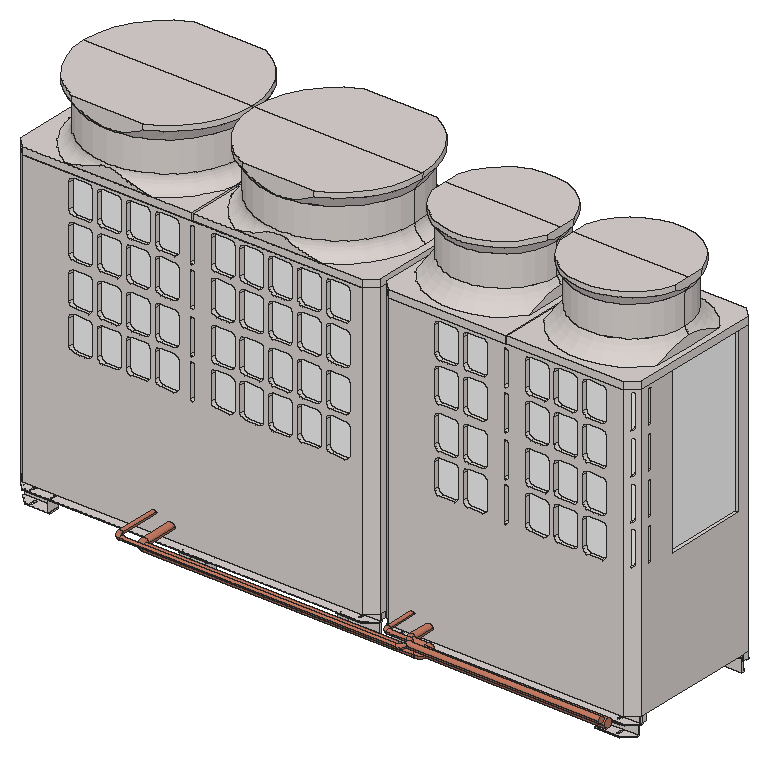
Revit family "PURY-EP950YSNW-A1", category 機械設備, Revit 2016 (continued)
Definition of nested family "PURY-EP500YNW-A1"
  Forms (mm)
    Extrusion 41, void
      sketch origin (195, 370, 113) x (-1, 0, 0) y (0, 0, -1)
        loop
          arc (184.892, -1379.987) -> (194.892, -1389.987) -> (204.892, -1379.987) r 10
          line (204.892, -1379.987) -> (204.892, -1225.013)
        loop
          arc (204.892, -1031.013) -> (194.892, -1021.013) -> (184.892, -1031.013) r 10
          line (184.892, -1031.013) -> (184.892, -1185.987)
          arc (184.892, -1185.987) -> (194.892, -1195.987) -> (204.892, -1185.987) r 10
          line (204.892, -1185.987) -> (204.892, -1031.013)
        loop
          arc (204.892, -825.013) -> (194.892, -815.013) -> (184.892, -825.013) r 10
          line (184.892, -825.013) -> (184.892, -979.987)
          arc (184.892, -979.987) -> (194.892, -989.987) -> (204.892, -979.987) r 10
          line (204.892, -979.987) -> (204.892, -825.013)
        loop
          arc (204.892, -631.013) -> (194.892, -621.013) -> (184.892, -631.013) r 10
          line (184.892, -631.013) -> (184.892, -785.987)
          arc (184.892, -785.987) -> (194.892, -795.987) -> (204.892, -785.987) r 10
          line (204.892, -785.987) -> (204.892, -631.013)
      from 0 to 20
    Extrusion 42, void
      sketch origin (-825, 370, 113) x (-1, 0, 0) y (0, 0, -1)
        loop
          line (-1603, -1408) -> (-875, -1408) -> (-875, -556) -> (-1603, -556) -> (-1603, -1408)
        loop
          line (-775, -1408) -> (-47, -1408) -> (-47, -556) -> (-775, -556) -> (-775, -1408)
      from 0 to 20
    Extrusion 43, void
      sketch origin (825, 370, 96) x (-0.707107, 0.707107, 0) y (0, 0, -1)
        loop
          line (-45.509, -1236) -> (-45.509, -1386)
          arc (-45.509, -1386) -> (-35.509, -1396) -> (-25.509, -1386) r 10
          line (-25.509, -1386) -> (-25.509, -1236)
          arc (-25.509, -1236) -> (-35.509, -1226) -> (-45.509, -1236) r 10
        loop
          line (-45.509, -1036) -> (-45.509, -1186)
          arc (-45.509, -1186) -> (-35.509, -1196) -> (-25.509, -1186) r 10
          line (-25.509, -1186) -> (-25.509, -1036)
          arc (-25.509, -1036) -> (-35.509, -1026) -> (-45.509, -1036) r 10
        loop
          line (-45.509, -836) -> (-45.509, -986)
          arc (-45.509, -986) -> (-35.509, -996) -> (-25.509, -986) r 10
          line (-25.509, -986) -> (-25.509, -836)
          arc (-25.509, -836) -> (-35.509, -826) -> (-45.509, -836) r 10
        loop
          line (-45.509, -643.5) -> (-45.509, -793.5)
          arc (-45.509, -793.5) -> (-35.509, -803.5) -> (-25.509, -793.5) r 10
          line (-25.509, -793.5) -> (-25.509, -643.5)
          arc (-25.509, -643.5) -> (-35.509, -633.5) -> (-45.509, -643.5) r 10
      from 0 to 20
    Extrusion 44, void
      sketch origin (-825, 370, 113) x (0.707107, 0.707107, 0) y (0, 0, 1)
        loop
          arc (-45.355, 1236) -> (-35.355, 1226) -> (-25.355, 1236) r 10
          line (-25.355, 1236) -> (-25.355, 1386)
          arc (-25.355, 1386) -> (-35.355, 1396) -> (-45.355, 1386) r 10
          line (-45.355, 1386) -> (-45.355, 1236)
        loop
          arc (-45.355, 1036) -> (-35.355, 1026) -> (-25.355, 1036) r 10
          line (-25.355, 1036) -> (-25.355, 1186)
          arc (-25.355, 1186) -> (-35.355, 1196) -> (-45.355, 1186) r 10
          line (-45.355, 1186) -> (-45.355, 1036)
        loop
          arc (-45.355, 836) -> (-35.355, 826) -> (-25.355, 836) r 10
          line (-25.355, 836) -> (-25.355, 986)
          arc (-25.355, 986) -> (-35.355, 996) -> (-45.355, 986) r 10
          line (-45.355, 986) -> (-45.355, 836)
        loop
          arc (-45.355, 641) -> (-35.355, 631) -> (-25.355, 641) r 10
          line (-25.355, 641) -> (-25.355, 791)
          arc (-25.355, 791) -> (-35.355, 801) -> (-45.355, 791) r 10
          line (-45.355, 791) -> (-45.355, 641)
      from 0 to 20
    Extrusion 45, void
      sketch origin (-875, -320, 113) x (0, -1, 0) y (0, 0, -1)
        loop
          line (-607.846, -1035.895) -> (-607.846, -1186.105)
          arc (-607.846, -1186.105) -> (-597.846, -1196.105) -> (-587.846, -1186.105) r 10
          line (-587.846, -1186.105) -> (-587.846, -1035.895)
          arc (-587.846, -1035.895) -> (-597.846, -1025.895) -> (-607.846, -1035.895) r 10
        loop
          line (-607.846, -835.895) -> (-607.846, -986.105)
          arc (-607.846, -986.105) -> (-597.846, -996.105) -> (-587.846, -986.105) r 10
          line (-587.846, -986.105) -> (-587.846, -835.895)
          arc (-587.846, -835.895) -> (-597.846, -825.895) -> (-607.846, -835.895) r 10
        loop
          line (-607.846, -1235.895) -> (-607.846, -1386.105)
          arc (-607.846, -1386.105) -> (-597.846, -1396.105) -> (-587.846, -1386.105) r 10
          line (-587.846, -1386.105) -> (-587.846, -1235.895)
          arc (-587.846, -1235.895) -> (-597.846, -1225.895) -> (-607.846, -1235.895) r 10
        loop
          line (-607.846, -635.895) -> (-607.846, -786.105)
          arc (-607.846, -786.105) -> (-597.846, -796.105) -> (-587.846, -786.105) r 10
          line (-587.846, -786.105) -> (-587.846, -635.895)
          arc (-587.846, -635.895) -> (-597.846, -625.895) -> (-607.846, -635.895) r 10
      from 0 to 20
    Extrusion 46, void
      sketch origin (-825, -185, 1200) x (1, 0, 0) y (0, 0, 1)
        loop
          circle (635, -1024) r 7.94
      from 0 to -108.2
    Extrusion 47, void
      sketch origin (-825, -185, 1200) x (1, 0, 0) y (0, 0, 1)
        loop
          circle (718, -1013) r 14.29
      from 0 to -108.2
  Cuts and joins
    Extrusion 2, Extrusion 3, Extrusion 4, Extrusion 5, Extrusion 6, Extrusion 7, Extrusion 8, Extrusion 9, Extrusion 10, Extrusion 11, Extrusion 12, Extrusion 13, Extrusion 14, Extrusion 15, Extrusion 16, Extrusion 17, Extrusion 18, Extrusion 19, Extrusion 20, Extrusion 21, Extrusion 22, Extrusion 23, Extrusion 24, Extrusion 25, Extrusion 26, Extrusion 27, Extrusion 28, Extrusion 29, Extrusion 30, Extrusion 31, Extrusion 32, Extrusion 33, Extrusion 34, Extrusion 35, Extrusion 36, Extrusion 37, Extrusion 38, Extrusion 39, Extrusion 40, Extrusion 41, Extrusion 42, Extrusion 43, Extrusion 44, Extrusion 45, Extrusion 46, Extrusion 47 cuts Extrusion 1
  Lines and regions (mm)
    model lines
      curve 1: line (-805, -370, 716) -> (-30, -370, 716)
      curve 2: line (-805, -370, 1521) -> (-805, -370, 95)
      curve 3: line (802, -370, 1521) -> (802, -370, 95)
      curve 4: line (-81, -291, 95) -> (-211, -291, 95)
      curve 5: line (-72, -206, 95) -> (-72, -282, 95)
      curve 6: line (-211, -197, 95) -> (-81, -197, 95)
      curve 7: line (-222, -280, 95) -> (-222, -208, 95)
      curve 8: arc (-222, -280, 95) -> (-218.778, -287.778, 95) -> (-211, -291, 95) r 11
      curve 9: arc (-81, -291, 95) -> (-74.636, -288.364, 95) -> (-72, -282, 95) r 9
      curve 10: arc (-72, -206, 95) -> (-74.636, -199.636, 95) -> (-81, -197, 95) r 9
      curve 11: arc (-211, -197, 95) -> (-218.778, -200.222, 95) -> (-222, -208, 95) r 11
      curve 12: line (-30, -370, 1521) -> (-30, -370, 95)
      curve 13: line (30, -370, 1521) -> (30, -370, 95)
      curve 14: line (30, -370, 716) -> (802, -370, 716)
      curve 15: line (-215, -370, 215) -> (-87, -370, 215)
      curve 16: line (-225, -370, 141) -> (-225, -370, 205)
      curve 17: line (-87, -370, 131) -> (-215, -370, 131)
      curve 18: line (-77, -370, 205) -> (-77, -370, 141)
      curve 19: arc (-215, -370, 215) -> (-222.071, -370, 212.071) -> (-225, -370, 205) r 10
      curve 20: arc (-225, -370, 141) -> (-222.071, -370, 133.929) -> (-215, -370, 131) r 10
      curve 21: arc (-87, -370, 131) -> (-79.929, -370, 133.929) -> (-77, -370, 141) r 10
      curve 22: arc (-77, -370, 205) -> (-79.929, -370, 212.071) -> (-87, -370, 215) r 10
      curve 23: circle (743, -370, 170) r 32.5 normal (0, -1, 0)
      curve 24: circle (743, -370, 170) r 20 normal (0, -1, 0)
      curve 25: circle (619, -370, 150) r 17 normal (0, -1, 0)
      curve 26: circle (668, -370, 185) r 26 normal (0, -1, 0)
      curve 27: circle (668, -370, 185) r 13.5 normal (0, -1, 0)
      curve 28: line (-243, -370, 235) -> (-243, -370, 95)
      curve 29: line (-30, -370, 245) -> (-233, -370, 245)
      curve 30: line (602, -370, 245) -> (802, -370, 245)
      curve 31: line (592, -370, 95) -> (592, -370, 235)
      curve 32: arc (602, -370, 245) -> (594.929, -370, 242.071) -> (592, -370, 235) r 10
      curve 33: line (-659, -370, 1521) -> (-659, -370, 716)
      curve 34: circle (723, -185, 95) r 26 normal (0, 0, 1)
      curve 35: circle (703, -260, 95) r 32.5 normal (0, 0, 1)
      curve 36: circle (659, -204, 95) r 17 normal (0, 0, 1)
      curve 37: line (875, -162.3, 1521) -> (875, -162.3, 95)
      curve 38: line (875, 289.2, 1521) -> (875, 289.2, 95)
      curve 39: line (875, -162.3, 705) -> (875, 289.2, 705)
      curve 40: line (875, -162.3, 725) -> (875, 289.2, 725)
      curve 41: line (875, -76.8, 583) -> (875, 203.2, 583)
      curve 42: line (875, 203.2, 563) -> (875, -76.8, 563)
      curve 43: arc (875, -76.8, 583) -> (875, -83.871, 580.071) -> (875, -86.8, 573) r 10
      curve 44: arc (875, -76.8, 563) -> (875, -83.871, 565.929) -> (875, -86.8, 573) r 10
      curve 45: arc (875, 203.2, 583) -> (875, 210.271, 580.071) -> (875, 213.2, 573) r 10
      curve 46: arc (875, 203.2, 563) -> (875, 210.271, 565.929) -> (875, 213.2, 573) r 10
      curve 47: line (875, -76.8, 478) -> (875, 203.2, 478)
      curve 48: line (875, 203.2, 458) -> (875, -76.8, 458)
      curve 49: arc (875, -76.8, 478) -> (875, -83.871, 475.071) -> (875, -86.8, 468) r 10
      curve 50: arc (875, -76.8, 458) -> (875, -83.871, 460.929) -> (875, -86.8, 468) r 10
      curve 51: arc (875, 203.2, 478) -> (875, 210.271, 475.071) -> (875, 213.2, 468) r 10
      curve 52: arc (875, 203.2, 458) -> (875, 210.271, 460.929) -> (875, 213.2, 468) r 10
      curve 53: line (875, -76.8, 373) -> (875, 203.2, 373)
      curve 54: line (875, 203.2, 353) -> (875, -76.8, 353)
      curve 55: arc (875, -76.8, 373) -> (875, -83.871, 370.071) -> (875, -86.8, 363) r 10
      curve 56: arc (875, -76.8, 353) -> (875, -83.871, 355.929) -> (875, -86.8, 363) r 10
      curve 57: arc (875, 203.2, 373) -> (875, 210.271, 370.071) -> (875, 213.2, 363) r 10
      curve 58: arc (875, 203.2, 353) -> (875, 210.271, 355.929) -> (875, 213.2, 363) r 10
      curve 59: line (875, -76.8, 268) -> (875, 203.2, 268)
      curve 60: line (875, 203.2, 248) -> (875, -76.8, 248)
      curve 61: arc (875, -76.8, 268) -> (875, -83.871, 265.071) -> (875, -86.8, 258) r 10
      curve 62: arc (875, -76.8, 248) -> (875, -83.871, 250.929) -> (875, -86.8, 258) r 10
      curve 63: arc (875, 203.2, 268) -> (875, 210.271, 265.071) -> (875, 213.2, 258) r 10
      curve 64: arc (875, 203.2, 248) -> (875, 210.271, 250.929) -> (875, 213.2, 258) r 10
      curve 65: line (-875, -162.3, 1521) -> (-875, -162.3, 95)
      curve 66: line (-875, 235.7, 1521) -> (-875, 235.7, 95)
      curve 67: line (-875, -112.3, 1521) -> (-875, -112.3, 705)
      curve 68: line (-875, 215.7, 1521) -> (-875, 215.7, 705)
      curve 69: line (-875, 235.7, 705) -> (-875, -162.3, 705)
      curve 70: line (-875, 176.7, 268) -> (-875, -103.3, 268)
      curve 71: line (-875, -103.3, 248) -> (-875, 176.7, 248)
      curve 72: arc (-875, 186.7, 258) -> (-875, 183.771, 265.071) -> (-875, 176.7, 268) r 10
      curve 73: arc (-875, 176.7, 248) -> (-875, 183.771, 250.929) -> (-875, 186.7, 258) r 10
      curve 74: arc (-875, -103.3, 268) -> (-875, -110.371, 265.071) -> (-875, -113.3, 258) r 10
      curve 75: arc (-875, -113.3, 258) -> (-875, -110.371, 250.929) -> (-875, -103.3, 248) r 10
      curve 76: line (-875, 176.7, 373) -> (-875, -103.3, 373)
      curve 77: line (-875, -103.3, 353) -> (-875, 176.7, 353)
      curve 78: arc (-875, 186.7, 363) -> (-875, 183.771, 370.071) -> (-875, 176.7, 373) r 10
      curve 79: arc (-875, 176.7, 353) -> (-875, 183.771, 355.929) -> (-875, 186.7, 363) r 10
      curve 80: arc (-875, -103.3, 373) -> (-875, -110.371, 370.071) -> (-875, -113.3, 363) r 10
      curve 81: arc (-875, -113.3, 363) -> (-875, -110.371, 355.929) -> (-875, -103.3, 353) r 10
      curve 82: line (-875, 176.7, 478) -> (-875, -103.3, 478)
      curve 83: line (-875, -103.3, 458) -> (-875, 176.7, 458)
      curve 84: arc (-875, 186.7, 468) -> (-875, 183.771, 475.071) -> (-875, 176.7, 478) r 10
      curve 85: arc (-875, 176.7, 458) -> (-875, 183.771, 460.929) -> (-875, 186.7, 468) r 10
      curve 86: arc (-875, -103.3, 478) -> (-875, -110.371, 475.071) -> (-875, -113.3, 468) r 10
      curve 87: arc (-875, -113.3, 468) -> (-875, -110.371, 460.929) -> (-875, -103.3, 458) r 10
      curve 88: line (-875, 176.7, 583) -> (-875, -103.3, 583)
      curve 89: line (-875, -103.3, 563) -> (-875, 176.7, 563)
      curve 90: arc (-875, 186.7, 573) -> (-875, 183.771, 580.071) -> (-875, 176.7, 583) r 10
      curve 91: arc (-875, 176.7, 563) -> (-875, 183.771, 565.929) -> (-875, 186.7, 573) r 10
      curve 92: arc (-875, -103.3, 583) -> (-875, -110.371, 580.071) -> (-875, -113.3, 573) r 10
      curve 93: arc (-875, -113.3, 573) -> (-875, -110.371, 565.929) -> (-875, -103.3, 563) r 10
      curve 94: line (-30, 370, 1521) -> (-30, 370, 95)
      curve 95: line (30, 370, 95) -> (30, 370, 1521)
      curve 96: line (-798, 370, 1521) -> (-798, 370, 95)
      curve 97: line (798, 370, 1521) -> (798, 370, 95)
      curve 98: line (798, 370, 649) -> (30, 370, 649)
      curve 99: line (-30, 370, 649) -> (-798, 370, 649)
      curve 100: line (637, 370, 269) -> (192, 370, 269)
      curve 101: line (192, 370, 249) -> (637, 370, 249)
      curve 102: arc (192, 370, 269) -> (184.929, 370, 266.071) -> (182, 370, 259) r 10
      curve 103: arc (182, 370, 259) -> (184.929, 370, 251.929) -> (192, 370, 249) r 10
      curve 104: line (637, 370, 374) -> (192, 370, 374)
      curve 105: line (192, 370, 354) -> (637, 370, 354)
      curve 106: arc (647, 370, 364) -> (644.071, 370, 371.071) -> (637, 370, 374) r 10
      curve 107: arc (637, 370, 354) -> (644.071, 370, 356.929) -> (647, 370, 364) r 10
      curve 108: arc (192, 370, 374) -> (184.929, 370, 371.071) -> (182, 370, 364) r 10
      curve 109: arc (182, 370, 364) -> (184.929, 370, 356.929) -> (192, 370, 354) r 10
      curve 110: line (637, 370, 479) -> (192, 370, 479)
      curve 111: line (192, 370, 459) -> (637, 370, 459)
      curve 112: arc (647, 370, 469) -> (644.071, 370, 476.071) -> (637, 370, 479) r 10
      curve 113: arc (637, 370, 459) -> (644.071, 370, 461.929) -> (647, 370, 469) r 10
      curve 114: arc (192, 370, 479) -> (184.929, 370, 476.071) -> (182, 370, 469) r 10
      curve 115: arc (182, 370, 469) -> (184.929, 370, 461.929) -> (192, 370, 459) r 10
      curve 116: line (637, 370, 584) -> (192, 370, 584)
      curve 117: line (192, 370, 564) -> (637, 370, 564)
      curve 118: arc (647, 370, 574) -> (644.071, 370, 581.071) -> (637, 370, 584) r 10
      curve 119: arc (637, 370, 564) -> (644.071, 370, 566.929) -> (647, 370, 574) r 10
      curve 120: arc (192, 370, 584) -> (184.929, 370, 581.071) -> (182, 370, 574) r 10
      curve 121: arc (182, 370, 574) -> (184.929, 370, 566.929) -> (192, 370, 564) r 10
      curve 122: line (-191, 370, 269) -> (-636, 370, 269)
      curve 123: line (-636, 370, 249) -> (-191, 370, 249)
      curve 124: arc (-181, 370, 259) -> (-183.929, 370, 266.071) -> (-191, 370, 269) r 10
      curve 125: arc (-191, 370, 249) -> (-183.929, 370, 251.929) -> (-181, 370, 259) r 10
      curve 126: arc (-636, 370, 269) -> (-643.071, 370, 266.071) -> (-646, 370, 259) r 10
      curve 127: arc (-646, 370, 259) -> (-643.071, 370, 251.929) -> (-636, 370, 249) r 10
      curve 128: line (-191, 370, 374) -> (-636, 370, 374)
      curve 129: line (-636, 370, 354) -> (-191, 370, 354)
      curve 130: arc (-181, 370, 364) -> (-183.929, 370, 371.071) -> (-191, 370, 374) r 10
      curve 131: arc (-191, 370, 354) -> (-183.929, 370, 356.929) -> (-181, 370, 364) r 10
      curve 132: arc (-636, 370, 374) -> (-643.071, 370, 371.071) -> (-646, 370, 364) r 10
      curve 133: arc (-646, 370, 364) -> (-643.071, 370, 356.929) -> (-636, 370, 354) r 10
      curve 134: line (-191, 370, 479) -> (-636, 370, 479)
      curve 135: line (-636, 370, 459) -> (-191, 370, 459)
      curve 136: arc (-181, 370, 469) -> (-183.929, 370, 476.071) -> (-191, 370, 479) r 10
      curve 137: arc (-191, 370, 459) -> (-183.929, 370, 461.929) -> (-181, 370, 469) r 10
      curve 138: arc (-636, 370, 479) -> (-643.071, 370, 476.071) -> (-646, 370, 469) r 10
      curve 139: arc (-646, 370, 469) -> (-643.071, 370, 461.929) -> (-636, 370, 459) r 10
      curve 140: line (-191, 370, 584) -> (-636, 370, 584)
      curve 141: line (-636, 370, 564) -> (-191, 370, 564)
      curve 142: arc (-181, 370, 574) -> (-183.929, 370, 581.071) -> (-191, 370, 584) r 10
      curve 143: arc (-191, 370, 564) -> (-183.929, 370, 566.929) -> (-181, 370, 574) r 10
      curve 144: arc (-636, 370, 584) -> (-643.071, 370, 581.071) -> (-646, 370, 574) r 10
      curve 145: arc (-646, 370, 574) -> (-643.071, 370, 566.929) -> (-636, 370, 564) r 10
      curve 155: arc (192, -370, 269) -> (184.929, -370, 266.071) -> (182, -370, 259) r 10
      curve 156: arc (182, -370, 259) -> (184.929, -370, 251.929) -> (192, -370, 249) r 10
      curve 157: line (637, -370, 374) -> (192, -370, 374)
      curve 158: line (192, -370, 354) -> (637, -370, 354)
      curve 159: arc (647, -370, 364) -> (644.071, -370, 371.071) -> (637, -370, 374) r 10
      curve 160: arc (637, -370, 354) -> (644.071, -370, 356.929) -> (647, -370, 364) r 10
      curve 161: arc (192, -370, 374) -> (184.929, -370, 371.071) -> (182, -370, 364) r 10
      curve 162: arc (182, -370, 364) -> (184.929, -370, 356.929) -> (192, -370, 354) r 10
      curve 163: line (637, -370, 479) -> (192, -370, 479)
      curve 164: line (192, -370, 459) -> (637, -370, 459)
      curve 165: arc (647, -370, 469) -> (644.071, -370, 476.071) -> (637, -370, 479) r 10
      curve 166: arc (637, -370, 459) -> (644.071, -370, 461.929) -> (647, -370, 469) r 10
      curve 167: arc (192, -370, 479) -> (184.929, -370, 476.071) -> (182, -370, 469) r 10
      curve 168: arc (182, -370, 469) -> (184.929, -370, 461.929) -> (192, -370, 459) r 10
      curve 169: line (637, -370, 584) -> (192, -370, 584)
      curve 170: line (192, -370, 564) -> (637, -370, 564)
      curve 171: arc (647, -370, 574) -> (644.071, -370, 581.071) -> (637, -370, 584) r 10
      curve 172: arc (637, -370, 564) -> (644.071, -370, 566.929) -> (647, -370, 574) r 10
      curve 173: arc (192, -370, 584) -> (184.929, -370, 581.071) -> (182, -370, 574) r 10
      curve 174: arc (182, -370, 574) -> (184.929, -370, 566.929) -> (192, -370, 564) r 10
      curve 175: line (-356, -370, 269) -> (-636, -370, 269)
      curve 176: line (-636, -370, 249) -> (-356, -370, 249)
      curve 177: arc (-346, -370, 259) -> (-348.929, -370, 266.071) -> (-356, -370, 269) r 10
      curve 178: arc (-356, -370, 249) -> (-348.929, -370, 251.929) -> (-346, -370, 259) r 10
      curve 179: arc (-636, -370, 269) -> (-643.071, -370, 266.071) -> (-646, -370, 259) r 10
      curve 180: arc (-646, -370, 259) -> (-643.071, -370, 251.929) -> (-636, -370, 249) r 10
      curve 181: line (-191, -370, 374) -> (-636, -370, 374)
      curve 182: line (-636, -370, 354) -> (-191, -370, 354)
      curve 183: arc (-181, -370, 364) -> (-183.929, -370, 371.071) -> (-191, -370, 374) r 10
      curve 184: arc (-191, -370, 354) -> (-183.929, -370, 356.929) -> (-181, -370, 364) r 10
      curve 185: arc (-636, -370, 374) -> (-643.071, -370, 371.071) -> (-646, -370, 364) r 10
      curve 186: arc (-646, -370, 364) -> (-643.071, -370, 356.929) -> (-636, -370, 354) r 10
      curve 187: line (-191, -370, 479) -> (-636, -370, 479)
      curve 188: line (-636, -370, 459) -> (-191, -370, 459)
      curve 189: arc (-181, -370, 469) -> (-183.929, -370, 476.071) -> (-191, -370, 479) r 10
      curve 190: arc (-191, -370, 459) -> (-183.929, -370, 461.929) -> (-181, -370, 469) r 10
      curve 191: arc (-636, -370, 479) -> (-643.071, -370, 476.071) -> (-646, -370, 469) r 10
      curve 192: arc (-646, -370, 469) -> (-643.071, -370, 461.929) -> (-636, -370, 459) r 10
      curve 193: line (-191, -370, 584) -> (-636, -370, 584)
      curve 194: line (-636, -370, 564) -> (-191, -370, 564)
      curve 195: arc (-181, -370, 574) -> (-183.929, -370, 581.071) -> (-191, -370, 584) r 10
      curve 196: arc (-191, -370, 564) -> (-183.929, -370, 566.929) -> (-181, -370, 574) r 10
      curve 197: arc (-636, -370, 584) -> (-643.071, -370, 581.071) -> (-646, -370, 574) r 10
      curve 198: arc (-646, -370, 574) -> (-643.071, -370, 566.929) -> (-636, -370, 564) r 10
      curve 199: arc (-233, -370, 245) -> (-240.071, -370, 242.071) -> (-243, -370, 235) r 10
      curve 200: arc (192, 370, 269) -> (184.929, 370, 266.071) -> (182, 370, 259) r 10
      curve 201: arc (182, 370, 259) -> (184.929, 370, 251.929) -> (192, 370, 249) r 10
      curve 202: line (472, -370, 269) -> (192, -370, 269)
      curve 203: line (192, -370, 249) -> (472, -370, 249)
      curve 204: arc (482, -370, 259) -> (479.071, -370, 266.071) -> (472, -370, 269) r 10
      curve 205: arc (472, -370, 249) -> (479.071, -370, 251.929) -> (482, -370, 259) r 10
      curve 206: arc (647, 370, 259) -> (644.071, 370, 266.071) -> (637, 370, 269) r 10
      curve 207: arc (637, 370, 249) -> (644.071, 370, 251.929) -> (647, 370, 259) r 10
    reference lines
      curve 146: line (850.109, 344.891, 1509) -> (850.109, 344.891, 1224)
      curve 147: arc (857.18, 337.82, 1482) -> (850.109, 344.891, 1492) -> (843.038, 351.962, 1482) r 10
      curve 148: arc (843.038, 351.962, 1332) -> (850.109, 344.891, 1322) -> (857.18, 337.82, 1332) r 10
      curve 149: arc (857.18, 337.82, 1282) -> (850.109, 344.891, 1292) -> (843.038, 351.962, 1282) r 10
      curve 150: arc (843.038, 351.962, 1132) -> (850.109, 344.891, 1122) -> (857.18, 337.82, 1132) r 10
      curve 151: arc (857.18, 337.82, 1082) -> (850.109, 344.891, 1092) -> (843.038, 351.962, 1082) r 10
      curve 152: arc (843.038, 351.962, 932) -> (850.109, 344.891, 922) -> (857.18, 337.82, 932) r 10
      curve 153: arc (857.18, 337.82, 889.5) -> (850.109, 344.891, 899.5) -> (843.038, 351.962, 889.5) r 10
      curve 154: arc (843.038, 351.962, 739.5) -> (850.109, 344.891, 729.5) -> (857.18, 337.82, 739.5) r 10
  Dimensions and locks
    nested 3 to level = 60.000 mm
    nested 2 to nested 3 = 1495.000 mm
    nested 2 to nested 2 = 303.000 mm
    cut or joined group 1 (Extrusion 1, Extrusion 2, Extrusion 3, Extrusion 4, Extrusion 5, Extrusion 6, Extrusion 7, Extrusion 8, Extrusion 9, Extrusion 10, Extrusion 11, Extrusion 12, Extrusion 13, Extrusion 14, Extrusion 15, Extrusion 16, Extrusion 17, Extrusion 18, Extrusion 19, Extrusion 20, Extrusion 21, Extrusion 22, Extrusion 23, Extrusion 24, Extrusion 25, Extrusion 26, Extrusion 27, Extrusion 28, Extrusion 29, Extrusion 30, Extrusion 31, Extrusion 32, Extrusion 33, Extrusion 34, Extrusion 35, Extrusion 36, Extrusion 37, Extrusion 38, Extrusion 39, Extrusion 40, Extrusion 41, Extrusion 42, Extrusion 43, Extrusion 44, Extrusion 45, Extrusion 46, Extrusion 47) to cut or joined group 1 = 1750.000 mm
    nested 1 to nested 1 = 870.000 mm
    nested 2 to nested 2 = 870.000 mm
    nested 2 to cut or joined group 1 = 34.000 mm
    Extrusion 2 sketch curve to Extrusion 2 sketch curve = 116.800 mm
    Extrusion 2 sketch curve to Extrusion 2 sketch curve = 170.800 mm
    Extrusion 3 sketch curve to Extrusion 3 sketch curve = 116.800 mm
    Extrusion 3 sketch curve to Extrusion 3 sketch curve = 170.800 mm
    Extrusion 4 sketch curve to Extrusion 4 sketch curve = 116.800 mm
    Extrusion 4 sketch curve to Extrusion 4 sketch curve = 170.800 mm
    Extrusion 5 sketch curve to Extrusion 5 sketch curve = 116.800 mm
    Extrusion 5 sketch curve to Extrusion 5 sketch curve = 170.800 mm
    Extrusion 6 sketch curve to Extrusion 6 sketch curve = 116.800 mm
    Extrusion 6 sketch curve to Extrusion 6 sketch curve = 170.800 mm
    Extrusion 7 sketch curve to Extrusion 7 sketch curve = 116.800 mm
    Extrusion 7 sketch curve to Extrusion 7 sketch curve = 170.800 mm
    Extrusion 8 sketch curve to Extrusion 8 sketch curve = 116.800 mm
    Extrusion 8 sketch curve to Extrusion 8 sketch curve = 170.800 mm
    Extrusion 9 sketch curve to Extrusion 9 sketch curve = 116.800 mm
    Extrusion 9 sketch curve to Extrusion 9 sketch curve = 170.800 mm
    Extrusion 10 sketch curve to Extrusion 10 sketch curve = 116.800 mm
    Extrusion 10 sketch curve to Extrusion 10 sketch curve = 170.800 mm
    Extrusion 11 sketch curve to Extrusion 11 sketch curve = 116.800 mm
    Extrusion 11 sketch curve to Extrusion 11 sketch curve = 170.800 mm
    Extrusion 12 sketch curve to Extrusion 12 sketch curve = 116.800 mm
    Extrusion 12 sketch curve to Extrusion 12 sketch curve = 170.800 mm
    Extrusion 13 sketch curve to Extrusion 13 sketch curve = 116.800 mm
    Extrusion 13 sketch curve to Extrusion 13 sketch curve = 170.800 mm
    Extrusion 14 sketch curve to Extrusion 14 sketch curve = 116.800 mm
    Extrusion 14 sketch curve to Extrusion 14 sketch curve = 170.800 mm
    Extrusion 15 sketch curve to Extrusion 15 sketch curve = 116.800 mm
    Extrusion 15 sketch curve to Extrusion 15 sketch curve = 170.800 mm
    Extrusion 16 sketch curve to Extrusion 16 sketch curve = 116.800 mm
    Extrusion 16 sketch curve to Extrusion 16 sketch curve = 170.800 mm
    Extrusion 17 sketch curve to Extrusion 17 sketch curve = 116.800 mm
    Extrusion 17 sketch curve to Extrusion 17 sketch curve = 170.800 mm
    Extrusion 18 sketch curve to Extrusion 18 sketch curve = 116.800 mm
    Extrusion 18 sketch curve to Extrusion 18 sketch curve = 170.800 mm
    Extrusion 19 sketch curve to Extrusion 19 sketch curve = 116.800 mm
    Extrusion 19 sketch curve to Extrusion 19 sketch curve = 170.800 mm
    Extrusion 20 sketch curve to Extrusion 20 sketch curve = 116.800 mm
    Extrusion 20 sketch curve to Extrusion 20 sketch curve = 170.800 mm
    Extrusion 21 sketch curve to Extrusion 21 sketch curve = 116.800 mm
    Extrusion 21 sketch curve to Extrusion 21 sketch curve = 170.800 mm
    cut or joined group 1 to cut or joined group 1 = 50.000 mm
    Extrusion 22 sketch curve to Extrusion 22 sketch curve = 116.800 mm
    Extrusion 22 sketch curve to Extrusion 22 sketch curve = 170.800 mm
    Extrusion 23 sketch curve to Extrusion 23 sketch curve = 116.800 mm
    Extrusion 23 sketch curve to Extrusion 23 sketch curve = 170.800 mm
    Extrusion 24 sketch curve to Extrusion 24 sketch curve = 116.800 mm
    Extrusion 24 sketch curve to Extrusion 24 sketch curve = 170.800 mm
    Extrusion 25 sketch curve to Extrusion 25 sketch curve = 116.800 mm
    Extrusion 25 sketch curve to Extrusion 25 sketch curve = 170.800 mm
    Extrusion 26 sketch curve to Extrusion 26 sketch curve = 116.800 mm
    Extrusion 26 sketch curve to Extrusion 26 sketch curve = 170.800 mm
    Extrusion 27 sketch curve to Extrusion 27 sketch curve = 116.800 mm
    Extrusion 27 sketch curve to Extrusion 27 sketch curve = 170.800 mm
    Extrusion 28 sketch curve to Extrusion 28 sketch curve = 116.800 mm
    Extrusion 28 sketch curve to Extrusion 28 sketch curve = 170.800 mm
    Extrusion 29 sketch curve to Extrusion 29 sketch curve = 116.800 mm
    Extrusion 29 sketch curve to Extrusion 29 sketch curve = 170.800 mm
    Extrusion 30 sketch curve to Extrusion 30 sketch curve = 116.800 mm
    Extrusion 30 sketch curve to Extrusion 30 sketch curve = 170.800 mm
    Extrusion 31 sketch curve to Extrusion 31 sketch curve = 116.800 mm
    Extrusion 31 sketch curve to Extrusion 31 sketch curve = 170.800 mm
    Extrusion 32 sketch curve to Extrusion 32 sketch curve = 116.800 mm
    Extrusion 32 sketch curve to Extrusion 32 sketch curve = 170.800 mm
    Extrusion 33 sketch curve to Extrusion 33 sketch curve = 116.800 mm
    Extrusion 33 sketch curve to Extrusion 33 sketch curve = 170.800 mm
    Extrusion 34 sketch curve to Extrusion 34 sketch curve = 116.800 mm
    Extrusion 34 sketch curve to Extrusion 34 sketch curve = 170.800 mm
    Extrusion 35 sketch curve to Extrusion 35 sketch curve = 116.800 mm
    Extrusion 35 sketch curve to Extrusion 35 sketch curve = 170.800 mm
    Extrusion 36 sketch curve to Extrusion 36 sketch curve = 116.800 mm
    Extrusion 36 sketch curve to Extrusion 36 sketch curve = 170.800 mm
    Extrusion 37 sketch curve to Extrusion 37 sketch curve = 116.800 mm
    Extrusion 37 sketch curve to Extrusion 37 sketch curve = 170.800 mm
    nested 2 to level = 1858.000 mm
    cut or joined group 1 to nested 5 to nested 3 to nested 7 to cut or joined group 1 = 80.000 mm, 795.000 mm, 795.000 mm, 80.000 mm
    cut or joined group 1 to cut or joined group 1 = 740.000 mm
    cut or joined group 1 to curve 7 to curve 5 = 653.000 mm, 150.000 mm
    cut or joined group 1 to curve 4 to curve 6 = 79.000 mm, 94.000 mm
    curve 35 to cut or joined group 1 = 172.000 mm
    curve 34 to cut or joined group 1 = 152.000 mm
    curve 36 to cut or joined group 1 = 216.000 mm
    cut or joined group 1 to curve 35 = 110.000 mm
    cut or joined group 1 to curve 36 = 166.000 mm
    cut or joined group 1 to curve 34 = 185.000 mm
    cut or joined group 1 to curve 16 to curve 18 = 650.000 mm, 148.000 mm
    cut or joined group 1 to curve 24 = 132.000 mm
    cut or joined group 1 to curve 27 = 207.000 mm
    cut or joined group 1 to curve 25 = 256.000 mm
    curve 25 to nested 3 = 90.000 mm
    curve 27 to nested 3 = 125.000 mm
    curve 24 to nested 3 = 110.000 mm
    nested 1 to nested 1 = 740.000 mm
    nested 6 to nested 6 to nested 5 to nested 5 = 60.000 mm, 620.000 mm, 60.000 mm
    nested 3 to nested 3 = 20.000 mm
    nested 3 to plane 6 "front" = 54.000 mm
    nested 4 to nested 3 = 592.000 mm
    nested 4 to nested 4 = 20.000 mm
    plane 5 to nested 4 = 54.000 mm
    Extrusion 46 sketch curve to nested 3 = 116.000 mm
    Extrusion 47 sketch curve to nested 3 = 127.000 mm
    cut or joined group 1 to cut or joined group 1 = 185.000 mm
    cut or joined group 1 to nested 5 = 116.000 mm
    cut or joined group 1 to nested 5 = 127.000 mm
    cut or joined group 1 to plane 11 = 685.000 mm
    cut or joined group 1 to plane 12 = 768.000 mm
    aligned and locked: level to plane 2
    aligned and locked: plane 4 "panel_L" to Extrusion 1
    aligned and locked: Extrusion 1 to plane 5
    aligned and locked: plane 6 "front" to Extrusion 1
    aligned and locked: Extrusion 1 to plane 4 "panel_L"
    aligned and locked: nested 3 to curve 31
  Nested families
    nested 1: "FAN GUARD" at (-415, 0, 860), type "FAN GUARD"
      with WIDTH 870.000 mm
    nested 2: "FAN GUARD" at (415, 0, 860) x (-1, 0, 0) z (0, 0, 1), type "FAN GUARD"
      with WIDTH 870.000 mm
    nested 3: "BASE LEG" at (0, -352, 60), type "BASE LEG"
      with Width 1750.000 mm
    nested 4: "BASE LEG" at (0, 352, 60), type "BASE LEG"
      with Width 1750.000 mm
    nested 5: "ATTACHMENT LEG" at (-789, -352, 0), type "ATTACHMENT LEG"
    nested 6: "ATTACHMENT LEG" at (-789, 352, 0), type "ATTACHMENT LEG"
    nested 7: "ATTACHMENT LEG" at (789, -352, 0) x (-1, 0, 0) z (0, 0, 1), type "ATTACHMENT LEG"
    nested 8: "ATTACHMENT LEG" at (789, 352, 0) x (-1, 0, 0) z (0, 0, 1), type "ATTACHMENT LEG"
    nested 9: "ATTACHMENT LEG_XL" at (0, 352, 0) x (-1, 0, 0) z (0, 0, 1), type "ATTACHMENT LEG_XL"
    nested 10: "ATTACHMENT LEG_XL" at (0, -352, 0), type "ATTACHMENT LEG_XL"
  Connectors
    electrical at (-233.5, -370, 279)
      settings: index 1, voltage 380 V, apparent load 0 VA, apparent load phase1 0 VA, apparent load phase2 0 VA, apparent load phase3 0 VA, power factor 1, load classification none, number of poles 3, system type 30, power factor state 1, is connector primary yes, connector utility no, sub classification motor no, connector description ""
    piping at (-107, -185, 187), diameter 28.58, driven by "Gas pipe_radius"
      settings: on cut or joined group 1, index 2, connector inside diameter 28.58 mm, connector length 0.000 mm, flow factor 0, pipe flow 0.0 L/s, pressure drop 0.0 Pa, fitting loss kfactor 0, connector angle 0.00°, fixture units 0, engagement length 0.000 mm, angle of deflection 0.00°, flow configuration 0, flow direction 0, fitting loss method 0, system type 22, joint type 0, gender type 0, connector reference index -1, connector utility 0, adjustable connector no, is connector primary yes, connector description "Refrigerant service valve <gas>"
    piping at (-190, -185, 176), diameter 25.4, driven by "Liquid pipe_radius"
      settings: on cut or joined group 1, index 3, connector inside diameter 25.4 mm, connector length 0.000 mm, flow factor 0, pipe flow 0.0 L/s, pressure drop 0.0 Pa, fitting loss kfactor 0, connector angle 0.00°, fixture units 0, engagement length 0.000 mm, angle of deflection 0.00°, flow configuration 0, flow direction 0, fitting loss method 0, system type 22, joint type 0, gender type 0, connector reference index -1, connector utility 0, adjustable connector no, is connector primary no, connector description "Refrigerant service valve <liquid>"
  Definition of nested family "FAN GUARD"
    Parameters
      WIDTH [instance] = 870.000 mm
    Reference planes
      plane 1 "中心(正面/背面)": y = 0
      plane 2: z = 0
      plane 3 "中心(左/右)": x = 0
      plane 4 "ファンガード基準面": z = 661
      plane 5: y = 370
      plane 6: y = -370
      plane 7: x = 410
      plane 8: x = -460
      plane 9 "ファンガード基準上面": z = 695
      plane 10 "ファンガード上面": z = 998
      plane 11: x = 410
      plane 12: x = -460
    Forms (mm)
      Extrusion 1, solid
        sketch origin (0, 0, 661) x (-1, 0, 0) y (0, -1, 0)
          loop
            line (410, -370) -> (460, -320) -> (460, 320) -> (410, 370) -> (-410, 370) -> (-410, -370) -> (410, -370)
        from 0 to 34
      Revolve 2, solid
        sketch origin (0, 0, 0) x (1, 0, 0) y (0, 0, 1)
          loop
            line (0, 695) -> (0, 998) -> (-408.829, 998) -> (-408.829, 972.327) -> (-368.829, 915.201) -> (-368.829, 765.141)
            arc (-368.829, 765.141) -> (-384.109, 720.678) -> (-423.494, 695) r 72.332
            line (-423.494, 695) -> (0, 695)
          axis (0, 998) -> (0, 695)
        angle from 0 to 360
      Extrusion 3, void
        sketch origin (0, 0, 695) x (-1, 0, 0) y (0, -1, 0)
          loop
            line (345, -370) -> (-345, -370) -> (-345, -545) -> (345, -545) -> (345, -370)
          loop
            line (345, 370) -> (345, 539.592) -> (-345, 539.592) -> (-345, 370) -> (345, 370)
        from 0 to 400
      Extrusion 4, void
        sketch origin (0, 0, 695) x (-1, 0, 0) y (0, -1, 0)
          loop
            line (-410, -160) -> (-410, 160) -> (-450, 160) -> (-450, -160) -> (-410, -160)
        from 0 to 250
    Cuts and joins
      Extrusion 3, Extrusion 4 cuts Revolve 2
    Lines and regions (mm)
      model lines
        curve 1: line (-408.829, 0, 998) -> (-80, 0, 998)
        curve 2: line (80, 0, 998) -> (408.829, 0, 998)
        curve 3: circle (0, 0, 998) r 80 normal (0, 0, 1)
        curve 4: line (-400, -80, 998) -> (400.925, -80, 998)
        curve 5: line (-376.219, -160, 998) -> (376.219, -160, 998)
        curve 6: line (-330.97, -240, 998) -> (330.97, -240, 998)
        curve 7: line (-254.442, -320, 998) -> (254.442, -320, 998)
        curve 8: line (-400.925, 80, 998) -> (400.925, 80, 998)
        curve 9: line (-376.219, 160, 998) -> (376.219, 160, 998)
        curve 10: line (-330.97, 240, 998) -> (330.97, 240, 998)
        curve 11: line (-254.442, 320, 998) -> (254.442, 320, 998)
        curve 12: line (0, 370, 998) -> (0, -370, 998)
        curve 13: line (-20, 370, 998) -> (-20, -370, 998)
        curve 14: line (-40, 370, 998) -> (-40, -370, 998)
        curve 15: line (-60, 370, 998) -> (-60, -370, 998)
        curve 16: line (-80, 370, 998) -> (-80, -370, 998)
        curve 17: line (20, 370, 998) -> (20, -370, 998)
        curve 18: line (40, 370, 998) -> (40, -370, 998)
        curve 19: line (60, 370, 998) -> (60, -370, 998)
        curve 20: line (80, 370, 998) -> (80, -370, 998)
        curve 21: line (100, 370, 998) -> (100, -370, 998)
        curve 22: line (120, 370, 998) -> (120, -370, 998)
        curve 23: line (140, 370, 998) -> (140, -370, 998)
        curve 24: line (160, 370, 998) -> (160, -370, 998)
        curve 25: line (180, 367.071, 998) -> (180, -367.071, 998)
        curve 26: line (200, 356.568, 998) -> (200, -356.568, 998)
        curve 27: line (220, 344.588, 998) -> (220, -344.588, 998)
        curve 28: line (240, 330.97, 998) -> (240, -330.97, 998)
        curve 29: line (260, 315.501, 998) -> (260, -315.501, 998)
        curve 30: line (280, 297.894, 998) -> (280, -297.894, 998)
        curve 31: line (300, 277.743, 998) -> (300, -277.743, 998)
        curve 32: line (320, 254.442, 998) -> (320, -254.442, 998)
        curve 33: line (340, 227.026, 998) -> (340, -227.026, 998)
        curve 34: line (360, 193.755, 998) -> (360, -193.755, 998)
        curve 35: line (380, 150.801, 998) -> (380, -150.801, 998)
        curve 36: line (400, 84.504, 998) -> (400, -84.504, 998)
        curve 37: line (-100, 370, 998) -> (-100, -370, 998)
        curve 38: line (-120, 370, 998) -> (-120, -370, 998)
        curve 39: line (-140, 370, 998) -> (-140, -370, 998)
        curve 40: line (-160, 370, 998) -> (-160, -370, 998)
        curve 41: line (-180, 367.071, 998) -> (-180, -367.071, 998)
        curve 42: line (-200, 356.568, 998) -> (-200, -356.568, 998)
        curve 43: line (-220, 344.588, 998) -> (-220, -344.588, 998)
        curve 44: line (-240, 330.97, 998) -> (-240, -330.97, 998)
        curve 45: line (-260, 315.501, 998) -> (-260, -315.501, 998)
        curve 46: line (-280, 297.894, 998) -> (-280, -297.894, 998)
        curve 47: line (-300, 277.743, 998) -> (-300, -277.743, 998)
        curve 48: line (-320, 254.442, 998) -> (-320, -254.442, 998)
        curve 49: line (-340, 227.026, 998) -> (-340, -227.026, 998)
        curve 50: line (-360, 193.755, 998) -> (-360, -193.755, 998)
        curve 51: line (-380, 150.801, 998) -> (-380, -150.801, 998)
        curve 52: line (-400, 84.504, 998) -> (-400, -84.504, 998)
        curve 53: line (10, 79.373, 998) -> (10, -79.373, 998)
        curve 54: line (-10, 79.373, 998) -> (-10, -79.373, 998)
        curve 55: line (30, 74.162, 998) -> (30, -74.162, 998)
        curve 56: line (50, 62.45, 998) -> (50, -62.45, 998)
        curve 57: line (70, 38.73, 998) -> (70, -38.73, 998)
        curve 58: line (-30, 74.162, 998) -> (-30, -74.162, 998)
        curve 59: line (-50, 62.45, 998) -> (-50, -62.45, 998)
        curve 60: line (-70, 38.73, 998) -> (-70, -38.73, 998)
    Dimensions and locks
      "WIDTH": plane 8 to plane 7
